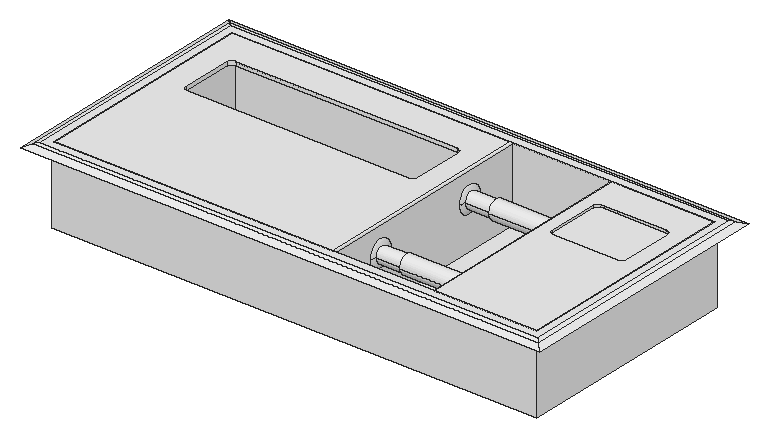
Revit family "Combination_Tissue_Toilet_Seat_Dispenser-Bobrick-ClassicSeries-B-3092", category Specialty Equipment, host Face, Revit 2019
Family settings
  Host = Face
  Round Connector Dimension = Use Diameter
  Part Type = Normal
  OmniClass Number = 23.40.20.21.21
  OmniClass Title = Toilet Paper Dispensers
  Cut with Voids When Loaded = Yes
  Shared = Yes
  Room Calculation Point = No
Parameters (values of type "B-3092")
  Width = 28"  # constant formula
  URL = "http://www.bobrick.com/"
  Type Comments = ""
  Revised Date = "08/15/2019"  # constant formula
  Product Page URL = ""
  Product Documentation Link = ""
  Price = "Prices may vary. Please consult Manufacturer Representative for most up-to-date price list."  # constant formula
  Model = "B-3092"
  Material = "Stainless Steel-Bobrick-20 Gauge-Satin"
  Finish = Stainless Steel-Bobrick-20 Gauge-Satin
  Manufacturer = "Bobrick"
  Installation Type = "Surface-Mounted"
  Height = 14"  # constant formula
  Description = "ClassicSeries Recessed Toilet Seat-Cover Dispenser, Waste Disposal, and Toilet Tissue Dispenser"
  Depth = 3 15/16"  # constant formula
  Default Elevation = 17 7/8"  # constant formula
  Assembly Code = "C1030200"
  ADA Compliant = no
Reference planes (in)
  plane 1 "Center (Front/Back)": y = 0
  plane 2: z = 0
  plane 3 "Center (Left/Right)": x = 0
  plane 4: x = -14
  plane 5: y = -7
  plane 6: x = 14
  plane 7: y = 7
  plane 8: z = -3.9375
  plane 9: y = 5.96875
  plane 10: y = -5.96875
Forms (in)
  Sweep 1, solid, material "Stainless Steel-Bobrick-20 Gauge-Satin" <- "Finish"
    path origin (0, 0, 0) x (1, 0, 0) y (0, 1, 0)
      loop
        line (-14, 7) -> (-14, -7) -> (14, -7) -> (14, 7) -> (-14, 7)
    profile origin (0, 7, 0) x (0, 1, 0) y (0, 0, 1)
      loop
        line (0, 0) -> (-0.367941, 0.1470185)
        arc (-0.367941, 0.1470185) -> (-0.4712183, 0.1772877) -> (-0.5783543, 0.1875) r 0.56708
        line (-0.5783543, 0.1875) -> (-1, 0.1875) -> (-1, 0) -> (-1, -3.9375) -> (-0.9461049, -3.9375) -> (-0.9461049, 0) -> (0, 0)
  Extrusion 2, solid, material "Stainless Steel-Bobrick-20 Gauge-Satin" <- "Finish"
    sketch origin (0, 0, 0) x (1, 0, 0) y (0, 0, 1)
      loop
        line (13, 0) -> (12.96875, 0) -> (12.96875, 0.1875) -> (7.5035487, 0.1875)
        arc (7.5035487, 0.1875) -> (7.4347481, 0.1590019) -> (7.40625, 0.0902013) r 0.0972987
        line (7.40625, 0.0902013) -> (7.40625, -3.8050294) -> (2.09375, -3.8050294) -> (2.09375, 0.0898437)
        arc (2.09375, 0.0898437) -> (2.0651471, 0.1588971) -> (1.9960938, 0.1875) r 0.0976563
        line (1.9960938, 0.1875) -> (-12.96875, 0.1875) -> (-12.96875, 0) -> (-13, 0) -> (-13, -3.9375) -> (13, -3.9375) -> (13, 0)
      loop
        line (7.4803709, -3.8050294) -> (12.8583443, -3.8050294) -> (12.8583443, 0) -> (7.4803709, 0) -> (7.4803709, -3.8050294)
      loop
        line (1.9408311, 0) -> (-12.8091689, 0) -> (-12.8091689, -3.75) -> (1.9408311, -3.75) -> (1.9408311, 0)
    from -5.96875 to 5.96875
  Extrusion 3, void
    sketch origin (0, 0, 0) x (1, 0, 0) y (0, 1, 0)
      loop
        line (-13, 6) -> (-13, -6) -> (13, -6) -> (13, 6) -> (-13, 6)
    from -3.9375 to 0
  Extrusion 4, void
    sketch origin (0, 0, 0) x (1, 0, 0) y (0, 1, 0)
      loop
        arc (-11.3385492, 4.147463) -> (-11.5153259, 4.0742397) -> (-11.5885492, 3.897463) r 0.25
        line (-11.5885492, 3.897463) -> (-11.5885492, 1.147463)
        arc (-11.5885492, 1.147463) -> (-11.5153259, 0.9706863) -> (-11.3385492, 0.897463) r 0.25
        line (-11.3385492, 0.897463) -> (0.6614508, 0.897463)
        arc (0.6614508, 0.897463) -> (0.8382274, 0.9706863) -> (0.9114508, 1.147463) r 0.25
        line (0.9114508, 1.147463) -> (0.9114508, 3.8103128)
        arc (0.9114508, 3.8103128) -> (0.8127018, 4.048714) -> (0.5743006, 4.147463) r 0.3371501
        line (0.5743006, 4.147463) -> (-11.3385492, 4.147463)
    from -1.2207202 to 1.3281149
  Extrusion 5, void
    sketch origin (0, 0, 0) x (1, 0, 0) y (0, 1, 0)
      loop
        arc (12.1614508, 3.8103128) -> (12.0627018, 4.048714) -> (11.8243006, 4.147463) r 0.3371501
        line (11.8243006, 4.147463) -> (8.3636409, 4.147463)
        arc (8.3636409, 4.147463) -> (8.1868642, 4.0742397) -> (8.1136409, 3.897463) r 0.25
        line (8.1136409, 3.897463) -> (8.1136409, 1.147463)
        arc (8.1136409, 1.147463) -> (8.1868642, 0.9706863) -> (8.3636409, 0.897463) r 0.25
        line (8.3636409, 0.897463) -> (11.9114508, 0.897463)
        arc (11.9114508, 0.897463) -> (12.0882274, 0.9706863) -> (12.1614508, 1.147463) r 0.25
        line (12.1614508, 1.147463) -> (12.1614508, 3.8103128)
    from 0.0771945 to 0.7725996
  Revolve 6, solid, material "Stainless Steel-Bobrick-20 Gauge-Satin" <- "Finish"
    sketch origin (0, 0, -1.25) x (1, 0, 0) y (0, 1, 0)
      loop
        line (7.3186679, 3.5962938) -> (3.5512265, 3.5962938) -> (3.5512265, 3.5297466) -> (2.1970495, 3.5297466)
        arc (2.1970495, 3.5297466) -> (2.1561521, 3.6755665) -> (2.09375, 3.8135595) r 1.0022413
        line (2.09375, 3.8135595) -> (2.09375, 3.1038439) -> (7.40625, 3.1038439) -> (7.40625, 3.8135595)
        arc (7.40625, 3.8135595) -> (7.3560894, 3.7074943) -> (7.3186679, 3.5962938) r 1.0022413
      axis (2.09375, 3.1038439) -> (7.40625, 3.1038439)
    angle from 0 to 360
  Revolve 7, solid, material "Stainless Steel-Bobrick-20 Gauge-Satin" <- "Finish"
    sketch origin (0, -6, -1.25) x (1, 0, 0) y (0, 1, 0)
      loop
        line (7.3186679, 3.5962938) -> (3.5512265, 3.5962938) -> (3.5512265, 3.5297466) -> (2.1970495, 3.5297466)
        arc (2.1970495, 3.5297466) -> (2.1561521, 3.6755665) -> (2.09375, 3.8135595) r 1.0022413
        line (2.09375, 3.8135595) -> (2.09375, 3.1038439) -> (7.40625, 3.1038439) -> (7.40625, 3.8135595)
        arc (7.40625, 3.8135595) -> (7.3560894, 3.7074943) -> (7.3186679, 3.5962938) r 1.0022413
      axis (2.09375, 3.1038439) -> (7.40625, 3.1038439)
    angle from 0 to 360
Cuts and joins
  Extrusion 4, Extrusion 5 cuts Sweep 1
  Extrusion 4, Extrusion 5 cuts Extrusion 2
  joined: Sweep 1, Extrusion 2, Revolve 6, Revolve 7
Lines and regions (in)
  Masking region 1
    outline origin (0, 0, 0) x (1, 0, 0) y (0, 0, 1)
      loop
        line (13.0538951, -3.9375) -> (13.0538951, 0) -> (14, 0) -> (13.632059, 0.1470185)
        arc (13.632059, 0.1470185) -> (13.5287817, 0.1772877) -> (13.4216457, 0.1875) r 0.56708
        line (13.4216457, 0.1875) -> (-13.4216457, 0.1875)
        arc (-13.4216457, 0.1875) -> (-13.5287817, 0.1772877) -> (-13.632059, 0.1470185) r 0.56708
        line (-13.632059, 0.1470185) -> (-14, 0) -> (-13.0538951, 0) -> (-13.0538951, -3.9375) -> (13.0538951, -3.9375)
  symbolic lines, detail levels medium+fine
    curve 1: line (13.0538951, 0, 0) -> (-13.0538951, 0, 0)
Dimensions and locks (in)
  equal spacing: plane 5, plane 1 "Center (Front/Back)", plane 7
  "Height": plane 5 to plane 7
  equal spacing: plane 4, plane 3 "Center (Left/Right)", plane 6
  "Width": plane 4 to plane 6
  plane 8 to level = 3 15/16"
  aligned and locked: plane 2 to host face
  aligned and locked: level to host face
Automatic sketch dimensions
  host sketch curve to host sketch curve = 96"  (x2)
  Sweep 1 sketch curve to plane 4 = 0"
  plane 5 to Sweep 1 sketch curve = 0"
  Sweep 1 sketch curve to plane 6 = 0"
  plane 7 to Sweep 1 sketch curve = 0"
  Sweep 1 sketch curve to level = 0"  (x2)
  Sweep 1 sketch curve to profile plane = 0"
  level to Sweep 1 sketch curve = 0.14702"
  profile plane to Sweep 1 sketch curve = 0.36794"
  Sweep 1 sketch curve to Sweep 1 sketch curve = 0.21041"
  profile plane to Sweep 1 sketch curve = 0.9461"
  Sweep 1 sketch curve to Sweep 1 sketch curve = 0.0539"
  Sweep 1 sketch curve to level = 0.37958"
  Sweep 1 sketch curve to Sweep 1 sketch curve = 3.55792"
  Extrusion 2 sketch curve to plane 8 = 0"
  Extrusion 2 sketch curve to level = 0"  (x4)
  plane 4 to Extrusion 2 sketch curve = 1"
  Extrusion 2 sketch curve to Extrusion 2 sketch curve = 1/32"
  Extrusion 2 sketch curve to Extrusion 2 sketch curve = 0.15958"
  plane 3 "Center (Left/Right)" to Extrusion 2 sketch curve = 1.94083"
  Extrusion 2 sketch curve to Extrusion 2 sketch curve = 0.05526"
  Extrusion 2 sketch curve to Extrusion 2 sketch curve = 0.15292"
  Extrusion 2 sketch curve to plane 8 = 0.13247"  (x2)
  Extrusion 2 sketch curve to Extrusion 2 sketch curve = 5 5/16"
  Extrusion 2 sketch curve to Extrusion 2 sketch curve = 0.07412"
  Extrusion 2 sketch curve to Extrusion 2 sketch curve = 0.0973"
  plane 6 to Extrusion 2 sketch curve = 1.14166"
  Extrusion 2 sketch curve to Extrusion 2 sketch curve = 0.11041"
  Extrusion 2 sketch curve to Extrusion 2 sketch curve = 0.14166"
  Extrusion 2 sketch curve to plane 8 = 3/16"
  level to Extrusion 2 sketch curve = 23/256"
  level to Extrusion 2 sketch curve = 0.0902"
  Extrusion 3 sketch curve to plane 10 = 1/32"
  plane 4 to Extrusion 3 sketch curve = 1"
  plane 6 to Extrusion 3 sketch curve = 1"
  Extrusion 3 sketch curve to plane 9 = 1/32"
  Extrusion 4 sketch curve to plane 1 "Center (Front/Back)" = 1.14746"
  plane 4 to Extrusion 4 sketch curve = 2.41145"
  Extrusion 4 sketch curve to Extrusion 4 sketch curve = 1/4"  (x2)
  plane 3 "Center (Left/Right)" to Extrusion 4 sketch curve = 0.5743"
  plane 3 "Center (Left/Right)" to Extrusion 4 sketch curve = 0.66145"
  Extrusion 4 sketch curve to Extrusion 4 sketch curve = 0.33715"
  plane 9 to Extrusion 4 sketch curve = 2.15844"
  Extrusion 5 sketch curve to plane 1 "Center (Front/Back)" = 1.14746"
  plane 6 to Extrusion 5 sketch curve = 5.88636"
  Extrusion 5 sketch curve to Extrusion 5 sketch curve = 1/4"  (x2)
  plane 6 to Extrusion 5 sketch curve = 2.1757"
  plane 6 to Extrusion 5 sketch curve = 2.08855"
  Extrusion 5 sketch curve to Extrusion 5 sketch curve = 0.33715"
  plane 9 to Extrusion 5 sketch curve = 2.15844"
  plane 3 "Center (Left/Right)" to Revolve 6 sketch curve = 1.21435"
  Revolve 6 sketch curve to Revolve 6 sketch curve = 0.8794"  (x2)
  Revolve 6 sketch curve to Revolve 6 sketch curve = 0.1033"
  Revolve 6 sketch curve to Revolve 6 sketch curve = 1.35418"
  Revolve 6 sketch curve to Revolve 6 sketch curve = 3.76744"
  Revolve 6 sketch curve to Revolve 6 sketch curve = 0.08758"
  plane 9 to Revolve 6 sketch curve = 2.86491"
  Revolve 6 sketch curve to Revolve 6 sketch curve = 0.22894"  (x2)
  Revolve 6 sketch curve to Revolve 6 sketch curve = 0.4259"  (x2)
  Revolve 6 sketch curve to Revolve 6 sketch curve = 0.06655"
  Revolve 6 sketch curve to Revolve 6 sketch curve = 1.04252"
  Revolve 6 sketch curve to Revolve 6 sketch curve = 1/4"
  plane 3 "Center (Left/Right)" to Revolve 7 sketch curve = 1.21435"
  Revolve 7 sketch curve to Revolve 7 sketch curve = 0.8794"  (x2)
  Revolve 7 sketch curve to Revolve 7 sketch curve = 0.1033"
  Revolve 7 sketch curve to Revolve 7 sketch curve = 1.35418"
  Revolve 7 sketch curve to Revolve 7 sketch curve = 3.76744"
  Revolve 7 sketch curve to Revolve 7 sketch curve = 0.08758"
  plane 1 "Center (Front/Back)" to Revolve 7 sketch curve = 2.89616"
  Revolve 7 sketch curve to Revolve 7 sketch curve = 0.22894"  (x2)
  Revolve 7 sketch curve to Revolve 7 sketch curve = 0.4259"  (x2)
  Revolve 7 sketch curve to Revolve 7 sketch curve = 0.06655"
  Revolve 7 sketch curve to Revolve 7 sketch curve = 1.04252"
  Revolve 7 sketch curve to Revolve 7 sketch curve = 1/4"
  Masking region 1 sketch curve to level = 0"  (x2)
  Masking region 1 sketch curve to plane 4 = 0"
  Masking region 1 sketch curve to plane 8 = 0"
  plane 6 to Masking region 1 sketch curve = 0"
  level to Masking region 1 sketch curve = 0.14702"  (x2)
  plane 4 to Masking region 1 sketch curve = 0.36794"
  level to Masking region 1 sketch curve = 3/16"
  Masking region 1 sketch curve to Masking region 1 sketch curve = 0.21041"  (x2)
  Masking region 1 sketch curve to Masking region 1 sketch curve = 0.36775"  (x2)
  plane 6 to Masking region 1 sketch curve = 0.9461"
  curve 1 to level = 0"
  plane 4 to curve 1 = 0.9461"
  plane 6 to curve 1 = 0.9461"
